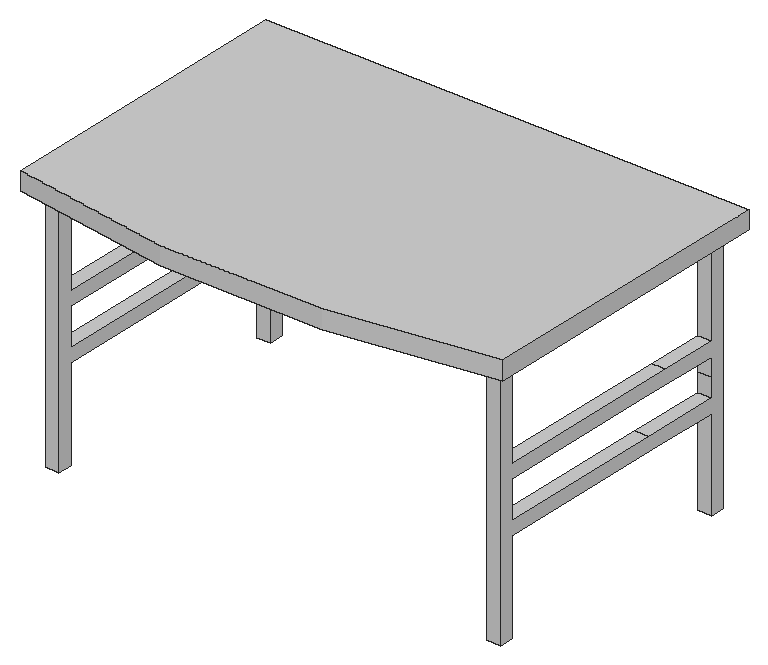
Revit family "DT21", category Specialty Equipment, Revit 2012
Parameters (values of type "Large Display Table (Default)")
  URL = "http://madixinc.com/display/freestanding.html"
  Model = "Display Table"
  Manufacturer = "© 2012 Madix, Inc. All rights reserved."
Reference planes (in)
  plane 1 "Center (Front/Back)": y = 0
  plane 2: z = 0
  plane 3 "Center (Left/Right)": x = 0
  plane 4: y = 15
  plane 5: z = 28.75
  plane 6: x = 26
  plane 7: x = -26
  plane 8: y = -18
  plane 9: y = -21
  plane 10: x = -24.5
  plane 11: x = -23
  plane 12: x = 23
  plane 13: x = 24.5
  plane 14: y = -16.5
  plane 15: z = 26.75
Forms (in)
  Extrusion 1, solid, material "Metal - Steel"
    sketch origin (0, 0, 0) x (0, 1, 0) y (0, 0, 1)
      loop
        line (13.5, 21) -> (13.5, 26.75) -> (12, 26.75) -> (12, 16.875) -> (5.75, 16.875) -> (-15, 16.875) -> (-15, 26.75) -> (-16.5, 26.75) -> (-16.5, 0) -> (-15, 0) -> (-15, 9.875) -> (5, 9.875) -> (12, 9.875) -> (12, 0) -> (13.5, 0) -> (13.5, 7) -> (13.5, 14) -> (13.5, 21)
      loop
        line (12, 13.375) -> (12, 15.375) -> (3, 15.375) -> (-15, 15.375) -> (-15, 11.375) -> (3.5, 11.375) -> (12, 11.375) -> (12, 13.375)
    from -24.5 to -23
  Extrusion 2, solid, material "Metal - Steel"
    sketch origin (0, 0, 0) x (1, 0, 0) y (0, 1, 0)
      loop
        line (-26, 15) -> (-26, -18)
        arc (-26, -18) -> (0, -21) -> (26, -18) r 114.16667
        line (26, -18) -> (26, 15) -> (-26, 15)
    from 26.75 to 28.75
  Extrusion 3, solid, material "Metal - Steel"
    sketch origin (0, 0, 0) x (0, 1, 0) y (0, 0, -1)
      loop
        line (13.5, -21) -> (13.5, -14) -> (13.5, -7) -> (13.5, 0) -> (12, 0) -> (12, -9.875) -> (5, -9.875) -> (-15, -9.875) -> (-15, 0) -> (-16.5, 0) -> (-16.5, -26.75) -> (-15, -26.75) -> (-15, -16.875) -> (5.75, -16.875) -> (12, -16.875) -> (12, -26.75) -> (13.5, -26.75) -> (13.5, -21)
      loop
        line (12, -13.375) -> (12, -11.375) -> (3.5, -11.375) -> (-15, -11.375) -> (-15, -15.375) -> (3, -15.375) -> (12, -15.375) -> (12, -13.375)
    from -24.5 to -23
Dimensions and locks (in)
  plane 9 to plane 4 = 3' - 0"
  plane 7 to plane 6 = 4' - 4"
  aligned and locked: level to plane 2
